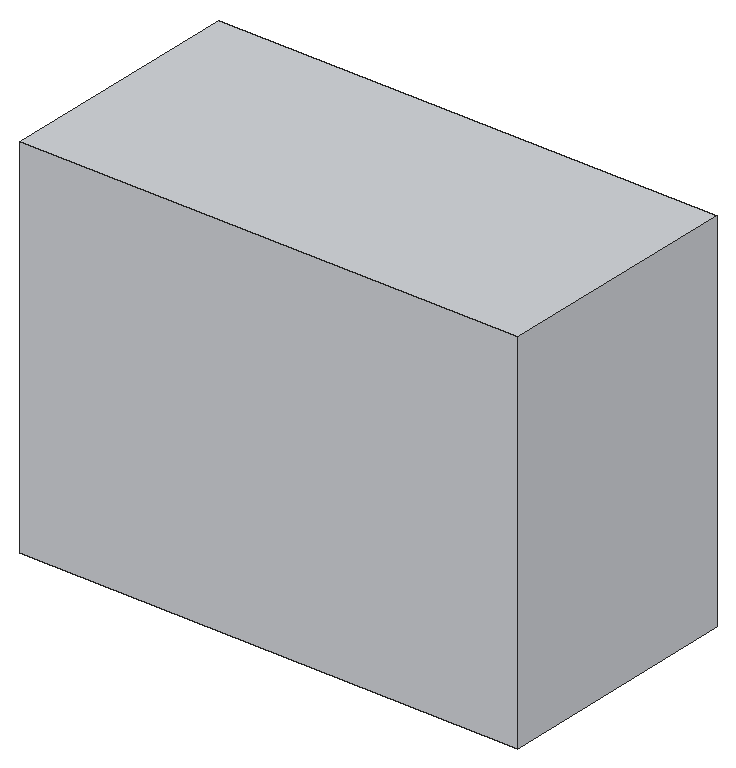
Revit family "LE Storage", category Furniture, Revit 2018
Family settings
  OmniClass Number = 23.40.20.00
  OmniClass Title = General Furniture and Specialties
  Work Plane-Based = No
  Always vertical = Yes
  Cut with Voids When Loaded = No
  Shared = No
  Room Calculation Point = No
Parameters (values of type "500x1000mm Storage Unit 2 Person")
  URL = "https://studiole.uk"
  Manufacturer = "LE"
  Length = 1000 mm
  Height = 740 mm
  Hangers = no
  Hanger Length = 450 mm
  Hanger End Offset = 120 mm
  Hanger Count = 5
  Hanger Centres = 75 mm
  Depth = 500 mm
Types (8, lengths in mm): name | Length | Height | Hangers | Depth
  1200x600mm Double Wardrobe | 1200 | 2000 | yes | 600
  1800x600mm Large Wardobe | 1800 | 2000 | yes | 600
  750x450mm Chest of Drawers | 750 | 800 | no | 450
  450x450mm Occasional Table | 450 | 740 | no | 450
  1050x500mm Coffee Table | 1050 | 450 | no | 500
  500x1000mm Storage Unit 2 Person | 1000 | 740 | no | 500
  500x1500mm Storage Unit 4 Person | 1500 | 740 | no | 500
  500x2000mm Storage Unit 5 Person | 2000 | 740 | no | 500
Reference planes
  plane 1 "Center (Front/Back)": y = 0
  plane 2: z = 0
  plane 3 "Center (Left/Right)": x = 0
  plane 4 "Left": x = -500
  plane 5 "Right": x = 500
  plane 6 "Front": y = -250
  plane 7 "Back": y = 250
  plane 8 "Top": z = 740
  plane 9: y = 225
  plane 10: y = -225
Forms (mm)
  Extrusion 1, solid
    sketch origin (0, 0, 0) x (1, 0, 0) y (0, 1, 0)
      loop
        line (-500, -250) -> (500, -250) -> (500, 250) -> (-500, 250) -> (-500, -250)
    from 0 to 740 <- "Height"
Lines and regions (mm)
  model lines, visible <- "Hangers"
    curve 1: line (-500, 0, 740) -> (500, 0, 740)
    curve 2: line (-380, 225, 740) -> (-380, -225, 740)
    curve 3: line (-305, 225, 740) -> (-305, -225, 740)
    curve 4: line (-230, 225, 740) -> (-230, -225, 740)
    curve 5: line (-155, 225, 740) -> (-155, -225, 740)
    curve 6: line (-80, 225, 740) -> (-80, -225, 740)
Dimensions and locks
  equal spacing: plane 7 "Back", plane 1 "Center (Front/Back)", plane 6 "Front"
  equal spacing: plane 4 "Left", plane 3 "Center (Left/Right)", plane 5 "Right"
  "Length": plane 4 "Left" to plane 5 "Right"
  "Depth": plane 7 "Back" to plane 6 "Front"
  "Height": plane 8 "Top" to plane 2
  equal spacing: plane 9, plane 1 "Center (Front/Back)", plane 10
  "Hanger Length": plane 9 to plane 10
  "Hanger End Offset": plane 4 "Left" to curve 2
  equal spacing: group 1, group 2, group 3, group 4, group 5  (x3)
  "Hanger Centres": curve 3 to curve 2
  aligned and locked: level to plane 2
Automatic sketch dimensions
  Extrusion 1 sketch curve to plane 4 "Left" = 0 mm
  Extrusion 1 sketch curve to plane 5 "Right" = 0 mm
  Extrusion 1 sketch curve to plane 6 "Front" = 0 mm
  Extrusion 1 sketch curve to plane 7 "Back" = 0 mm
  plane 1 "Center (Front/Back)" to curve 1 = 0 mm
  curve 1 to plane 5 "Right" = 0 mm
  curve 1 to plane 4 "Left" = 0 mm
  curve 2 to curve 2 = 450 mm
  curve 3 to curve 3 = 450 mm
  curve 4 to curve 4 = 450 mm
  curve 5 to curve 5 = 450 mm
  curve 6 to curve 6 = 450 mm
